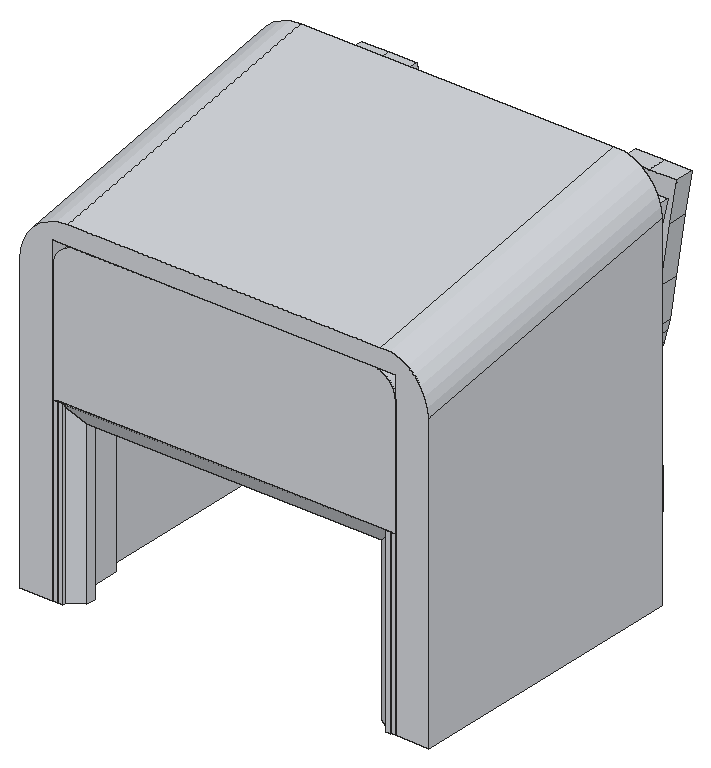
Revit family "Gira_001030", category Electrical Fixtures, Revit 2017
Family settings
  Maintain Annotation Orientation = No
  Round Connector Dimension = Use Diameter
  Part Type = Normal
  Work Plane-Based = No
  Always vertical = Yes
  Cut with Voids When Loaded = No
  Shared = No
  Room Calculation Point = No
Parameters (values of type "Adapter cab.entry 1-g channel 15 x 30 mm WP SM grey")
  URL = "https://www.gira.de/"
  Type Comments = ""
  Suitable for built-up box flush-mounted switching equipment = yes
  Model = "Duct slider"
  Manufacturer = "Gira"
  Keynote = ""
  HeinzeBIM = "https://www.heinze.de/bim/adapter-cab-entry-1-g-channel-15-x-30-mm-wp-sm-grey/5505c526ddad4b24e1f9415e03472ed149bc0a76"
  HAN = "001030"
  GTIN = "4010337010302"
  Description = "Adap.cab.entry 1g chan.15x30 WP SM GY Adapter for cable entry, 1-gang for duct 15 x 30 mm grey"
  Cost = 0
  Colour = "Grey"
  BIMSITE_PRODUCT_ID = "5505c526ddad4b24e1f9415e03472ed149bc0a76"
  BIM = "https://media.live.bim.site/t/eyJhbGciOiJIUzI1NiIsInR5cCI6IkpXVCJ9.eyJjdCI6MSwidGYiOiJwdWJsaWMvZ2lyYS8wOWY1ZGI1L0dpcmFfMDAxMDMwLnJmYSIsImNpZCI6ImZlZDk4ZTlhLTFiZDgtNGM2OC1hNzNiLTc0YTk0ZTMxNTgyMyIsInJpZCI6ImEwNDU4MmVlYzQ3M2RiODcyNzFmOTg2NzIyMGVjM2Y3IiwicGlkIjoiNTUwNWM1MjZkZGFkNGIyNGUxZjk0MTVlMDM0NzJlZDE0OWJjMGE3NiIsInNpZCI6IjYzNDcwIiwidXQiOjUsImxjIjoiZW4iLCJpYXQiOjE2MDc1MjM5NzIsImlzcyI6Imh0dHBzOi8vYXBpLmxpdmUuYmltLnNpdGUiLCJzdWIiOiI4ZDNhYTVjYi1lMDY2LTQ1OTgtYmUxNi02ZTE2ZWU3NDk1NmEifQ.uv8IZ2-Xs5heSjccD_fl0-Akv6bWITWF7wArSEgGt7k/Gira_001030.rfa"
  Assembly Code = ""
Reference planes
  plane 1 "Center (Front/Back)": y = 0
  plane 2: z = 0
  plane 3 "Center (Left/Right)": x = 0
Forms (mm)
  Extrusion 1, solid, detail levels fine
    sketch origin (0, 0, 0) x (0, 0, 1) y (-1, 0, 0)
      loop
        line (15, -11.5) -> (11, -10.866) -> (11, 10.866) -> (15, 11.5) -> (15, 14.501) -> (15, 17.369) -> (8.534, 16.345) -> (6.588, 16.037) -> (0.122, 15.013) -> (-1.011, 14.741) -> (-2.197, 14.456) -> (-3.324, 13.989) -> (-4.401, 13.543) -> (-5.44, 12.906) -> (-6.434, 12.297) -> (-7.362, 11.505) -> (-8.248, 10.748) -> (-9.04, 9.821) -> (-9.797, 8.934) -> (-10.434, 7.895) -> (-11.043, 6.901) -> (-11.51, 5.774) -> (-11.956, 4.697) -> (-12.241, 3.511) -> (-12.513, 2.378) -> (-12.609, 1.162) -> (-12.7, 0) -> (-12.604, -1.216) -> (-12.513, -2.378) -> (-12.228, -3.564) -> (-11.956, -4.697) -> (-11.489, -5.824) -> (-11.043, -6.901) -> (-10.406, -7.94) -> (-9.797, -8.934) -> (-9.005, -9.862) -> (-8.248, -10.748) -> (-7.321, -11.54) -> (-6.434, -12.297) -> (-5.395, -12.934) -> (-4.401, -13.543) -> (-3.274, -14.01) -> (-2.197, -14.456) -> (-1.011, -14.741) -> (0.122, -15.013) -> (4.433, -15.696) -> (10.689, -16.687) -> (15, -17.369) -> (15, -14.501) -> (15, -11.5)
      loop
        circle (0, 0) r 8.6
      loop
        line (9.5, 12.246) -> (8.121, 12.027) -> (1.133, 10.921) -> (0.015, 10.743)
        arc (0.015, 10.743) -> (-0.406, 10.213) -> (0.088, 9.75) r 0.5
        arc (0.088, 9.75) -> (5.013, 8.357) -> (8.555, 4.662) r 9.75
        arc (8.555, 4.662) -> (9.122, 4.416) -> (9.5, 4.905) r 0.503
        line (9.5, 4.905) -> (9.5, 12.246)
      loop
        line (9.5, -12.246) -> (9.5, -4.905)
        arc (9.5, -4.905) -> (9.122, -4.416) -> (8.555, -4.662) r 0.503
        arc (8.555, -4.662) -> (5.013, -8.357) -> (0.088, -9.75) r 9.75
        arc (0.088, -9.75) -> (-0.406, -10.213) -> (0.015, -10.743) r 0.5
        line (0.015, -10.743) -> (1.133, -10.921) -> (8.121, -12.027) -> (9.5, -12.246)
    from 0 to 2
  Extrusion 2, solid, detail levels fine
    sketch origin (0, 0, 0) x (0, 0, 1) y (-1, 0, 0)
      loop
        line (15, -13.874) -> (15, -11.5) -> (11, -10.866) -> (11, 10.866) -> (15, 11.5) -> (15, 14.126) -> (14.024, 14.126) -> (11.962, 14.126) -> (10.987, 14.126) -> (8.449, 13.724) -> (3.083, 12.874) -> (0.545, 12.472) -> (-0.75, 12.148) -> (-1.595, 11.936) -> (-2.813, 11.389) -> (-3.608, 11.032) -> (-4.71, 10.28) -> (-5.43, 9.789) -> (-6.383, 8.854) -> (-7.005, 8.244) -> (-7.779, 7.157) -> (-8.284, 6.447) -> (-8.855, 5.24) -> (-9.227, 4.453) -> (-9.577, 3.165) -> (-9.805, 2.324) -> (-9.923, 0.994) -> (-10, 0.126) -> (-9.882, -1.203) -> (-9.805, -2.071) -> (-9.456, -3.359) -> (-9.227, -4.2) -> (-8.657, -5.407) -> (-8.284, -6.195) -> (-7.51, -7.282) -> (-7.005, -7.992) -> (-6.052, -8.926) -> (-5.43, -9.536) -> (-4.328, -10.289) -> (-3.608, -10.78) -> (-2.39, -11.327) -> (-1.595, -11.684) -> (-0.301, -12.008) -> (0.545, -12.22) -> (4.669, -12.873) -> (10.987, -13.874) -> (13.415, -13.874) -> (15, -13.874)
      loop
        circle (0, 0) r 3
    from 2 to 6.595
  Extrusion 3, solid, detail levels fine
    sketch origin (0, 0, 0) x (0, 0, 1) y (0, -1, 0)
      loop
        line (11, 9.1) -> (-14.28, 9.1) -> (-14.28, 5.415) -> (12, 5.873) -> (15, 4.873) -> (15, 7.897) -> (11, 8.106) -> (11, 9.1)
    from 18.7 to -18.7
  Extrusion 4, solid, detail levels medium
    sketch origin (0, 0, 0) x (0, 0, 1) y (-1, 0, 0)
      loop
        line (-7.321, -11.54) -> (-6.434, -12.297) -> (-5.395, -12.934) -> (-4.401, -13.543) -> (-3.274, -14.01) -> (-2.197, -14.456) -> (-1.011, -14.741) -> (0.122, -15.013) -> (4.433, -15.696) -> (10.689, -16.687) -> (15, -17.369) -> (15, -14.501) -> (15, -11.5) -> (11, -10.866) -> (11, 10.866) -> (15, 11.5) -> (15, 14.501) -> (15, 17.369) -> (8.534, 16.345) -> (6.588, 16.037) -> (0.122, 15.013) -> (-1.011, 14.741) -> (-2.197, 14.456) -> (-3.324, 13.989) -> (-4.401, 13.543) -> (-5.44, 12.906) -> (-6.434, 12.297) -> (-7.362, 11.505) -> (-8.248, 10.748) -> (-9.04, 9.821) -> (-9.797, 8.934) -> (-10.434, 7.895) -> (-11.043, 6.901) -> (-11.51, 5.774) -> (-11.956, 4.697) -> (-12.241, 3.511) -> (-12.513, 2.378) -> (-12.609, 1.162) -> (-12.7, 0) -> (-12.604, -1.216) -> (-12.513, -2.378) -> (-12.228, -3.564) -> (-11.956, -4.697) -> (-11.489, -5.824) -> (-11.043, -6.901) -> (-10.406, -7.94) -> (-9.797, -8.934) -> (-9.005, -9.862) -> (-8.248, -10.748) -> (-7.321, -11.54)
    from 0 to 5.5
  Extrusion 5, solid, detail levels medium
    sketch origin (0, 0, 0) x (0, 0, 1) y (0, -1, 0)
      loop
        line (-14.28, 5.5) -> (15, 5.5) -> (15, 9.1) -> (-14.28, 9.1) -> (-14.28, 5.5)
    from -18.7 to 18.7
  SweptBlend 6, solid, detail levels fine
    path origin (0, 0, 0) x (0, 1, 0) y (0, 0, 1)
      loop
        line (-9.1, 0) -> (-39.735, 0)
    profile origin (0, -9.1, 0) x (0, 0, -1) y (1, 0, 0)
      loop
        spline (-15.918, 21.5) -> (-16.581, 21.457) -> (-17.233, 21.33) -> (-17.863, 21.119) -> (-18.459, 20.83) -> (-19.012, 20.467) -> (-19.511, 20.036) -> (-19.95, 19.544) -> (-20.319, 19) -> (-20.613, 18.413) -> (-20.827, 17.794) -> (-20.957, 17.153) -> (-21, 16.5)
        line (-21, 16.5) -> (-21, -16.5)
        spline (-21, -16.5) -> (-20.957, -17.153) -> (-20.827, -17.794) -> (-20.613, -18.413) -> (-20.319, -19) -> (-19.95, -19.544) -> (-19.511, -20.036) -> (-19.012, -20.467) -> (-18.459, -20.83) -> (-17.863, -21.119) -> (-17.233, -21.33) -> (-16.581, -21.457) -> (-15.918, -21.5)
        line (-15.918, -21.5) -> (20.5, -21.5) -> (20.5, 21.5) -> (-15.918, 21.5)
    end profile origin (0, -39.735, 0) x (0, 0, -1) y (1, 0, 0)
      loop
        line (-15.5, 16.5) -> (-15.5, -16.5)
        arc (-15.5, -16.5) -> (-14.036, -20.036) -> (-10.5, -21.5) r 5
        line (-10.5, -21.5) -> (20.5, -21.5) -> (20.5, 21.5) -> (-10.5, 21.5)
        arc (-10.5, 21.5) -> (-14.036, 20.036) -> (-15.5, 16.5) r 5
  Extrusion 7, void
    sketch origin (0, 0, 0) x (1, 0, 0) y (0, 1, 0)
      loop
        spline (-15, -11.157) -> (-15.392, -11.183) -> (-15.776, -11.259) -> (-16.148, -11.385) -> (-16.5, -11.558) -> (-16.826, -11.775) -> (-17.121, -12.033) -> (-17.38, -12.327) -> (-17.598, -12.653) -> (-17.772, -13.004) -> (-17.898, -13.374) -> (-17.974, -13.758) -> (-18, -14.148)
        line (-18, -14.148) -> (-18, -34.935) -> (-19.3, -34.935)
        arc (-19.3, -34.935) -> (-20.6, -36.235) -> (-19.3, -37.535) r 1.3
        line (-19.3, -37.535) -> (-18, -37.535) -> (-18, -39.735) -> (18, -39.735) -> (18, -37.535) -> (19.3, -37.535)
        arc (19.3, -37.535) -> (20.6, -36.235) -> (19.3, -34.935) r 1.3
        line (19.3, -34.935) -> (18, -34.935) -> (18, -14.148)
        spline (18, -14.148) -> (17.974, -13.758) -> (17.898, -13.374) -> (17.772, -13.004) -> (17.598, -12.653) -> (17.38, -12.327) -> (17.121, -12.033) -> (16.826, -11.775) -> (16.5, -11.558) -> (16.148, -11.385) -> (15.776, -11.259) -> (15.392, -11.183) -> (15, -11.157)
        line (15, -11.157) -> (-15, -11.157)
    from -29.176 to 13.5
  Extrusion 8, solid, detail levels fine
    sketch origin (0, 0, 0) x (1, 0, 0) y (0, 1, 0)
      loop
        line (-18, -31.163) -> (-18, -32.663) -> (18, -32.663) -> (18, -31.163) -> (-18, -31.163)
    from 9.5 to 13.5
  Extrusion 9, void
    sketch origin (0, 0, 0) x (1, 0, 0) y (0, 0, 1)
      loop
        circle (0, 0) r 3
    from -3.329 to 16.735
  Extrusion 10, void
    sketch origin (0, 0, 0) x (1, 0, 0) y (0, 0, 1)
      loop
        circle (0, 0) r 3
    from 9.1 to 12.197
  SweptBlend 11, solid, detail levels medium
    path origin (0, 0, 0) x (0, 1, 0) y (0, 0, 1)
      loop
        line (-9.1, 0) -> (-39.735, 0)
    profile origin (0, -9.1, 0) x (0, 0, -1) y (1, 0, 0)
      loop
        line (-21, -21.5) -> (20.5, -21.5) -> (20.5, 21.5) -> (-21, 21.5) -> (-21, -21.5)
    end profile origin (0, -39.735, 0) x (0, 0, -1) y (1, 0, 0)
      loop
        line (-15.5, -21.5) -> (20.5, -21.5) -> (20.5, 21.5) -> (-15.5, 21.5) -> (-15.5, -21.5)
  Extrusion 12, solid, detail levels coarse
    sketch origin (0, 0, 0) x (1, 0, 0) y (0, 1, 0)
      loop
        line (-21.5, 0) -> (-21.5, -39.735) -> (21.5, -39.735) -> (21.5, 0) -> (-21.5, 0)
    from -20.5 to 21
  Extrusion 13, void
    sketch origin (0, 0, 0) x (1, 0, 0) y (0, 0, 1)
      loop
        line (18.7, -20.5) -> (18.7, 13.5) -> (-18.7, 13.5) -> (-18.7, -20.5) -> (18.7, -20.5)
    from 11.157 to 42.053
Cuts and joins
  Extrusion 9, Extrusion 10 cuts Extrusion 3
  Extrusion 7, Extrusion 10 cuts SweptBlend 6
  joined: Extrusion 3, SweptBlend 6
  Extrusion 10 cuts Extrusion 2
  joined: Extrusion 1, Extrusion 2
  Extrusion 10 cuts Extrusion 4
  Extrusion 10 cuts Extrusion 5
  Extrusion 13 cuts SweptBlend 11
  joined: Extrusion 4, Extrusion 5, SweptBlend 11
Lines and regions (mm)
  reference lines
    curve 1: line (-20.6, -36.235, 0) -> (20.6, -36.235, 0)
Dimensions and locks
  aligned and locked: plane 2 to level
  aligned and locked: plane 3 "Center (Left/Right)" to nested 1
  aligned and locked: curve 1 to nested 1
  aligned and locked: Extrusion 12 to nested 1
Nested families
  nested 1: "00_001258_05" at (0, -32.735, -930.449), type "00_001258_05"
Definition of nested family "00_001258_05"
  Reference planes
    plane 1 "Center (Front/Back)": y = 0
    plane 2: z = 909.949
    plane 3 "Center (Left/Right)": x = 0
  Forms (mm)
    Extrusion 1, solid, detail levels fine
      sketch origin (0, 0, 0) x (1, 0, 0) y (0, 0, 1)
        loop
          arc (-15.5, 943.949) -> (-17.268, 943.217) -> (-18, 941.449) r 2.5
          line (-18, 941.449) -> (-18, 928.949) -> (-16, 928.949) -> (-16, 941.449)
          arc (-16, 941.449) -> (-15.854, 941.803) -> (-15.5, 941.949) r 0.5
          line (-15.5, 941.949) -> (15.5, 941.949)
          arc (15.5, 941.949) -> (15.854, 941.803) -> (16, 941.449) r 0.5
          line (16, 941.449) -> (16, 928.949) -> (18, 928.949) -> (18, 941.449)
          arc (18, 941.449) -> (17.268, 943.217) -> (15.5, 943.949) r 2.5
          line (15.5, 943.949) -> (-15.5, 943.949)
      from 0 to 7
    Extrusion 2, solid, detail levels fine
      sketch origin (0, 0, 0) x (1, 0, 0) y (0, 0, 1)
        loop
          line (-16, 928.949) -> (16, 928.949) -> (16, 941.449)
          arc (16, 941.449) -> (15.854, 941.803) -> (15.5, 941.949) r 0.5
          line (15.5, 941.949) -> (-15.5, 941.949)
          arc (-15.5, 941.949) -> (-15.854, 941.803) -> (-16, 941.449) r 0.5
          line (-16, 941.449) -> (-16, 928.949)
      from 5 to 7
    Extrusion 3, solid, detail levels fine
      sketch origin (0, 0, 909.949) x (1, 0, 0) y (0, 1, 0)
        loop
          line (-18, 0) -> (-18, -7) -> (-17, -7) -> (-17, 0) -> (-18, 0)
        loop
          line (18, 0) -> (17, 0) -> (17, -7) -> (18, -7) -> (18, 0)
      from 0 to 19
    Extrusion 4, solid, detail levels medium+fine
      sketch origin (0, 0, 909.949) x (1, 0, 0) y (0, 1, 0)
        loop
          line (-19.2, -4.7) -> (-18, -4.7) -> (-18, -2.3) -> (-19.2, -2.3)
          arc (-19.2, -2.3) -> (-20.4, -3.5) -> (-19.2, -4.7) r 1.2
        loop
          arc (19.2, -4.7) -> (20.4, -3.5) -> (19.2, -2.3) r 1.2
          line (19.2, -2.3) -> (18, -2.3) -> (18, -4.7) -> (19.2, -4.7)
      from 0 to 30
    Sweep 5, solid, detail levels fine
      path origin (0, 0, 0) x (1, 0, 0) y (0, 0, 1)
        loop
          line (-15.5, 909.949) -> (-15.5, 926.949) -> (15.5, 926.949) -> (15.5, 909.949)
      profile origin (-15.5, 0, 918.449) x (-1, 0, 0) y (0, -1, 0)
        loop
          line (0, 5.7) -> (0, 4.7) -> (2, 6) -> (2, 7) -> (0, 5.7)
    Extrusion 6, solid, detail levels medium
      sketch origin (0, 0, 0) x (1, 0, 0) y (0, 0, 1)
        loop
          arc (-15.5, 943.949) -> (-17.268, 943.217) -> (-18, 941.449) r 2.5
          line (-18, 941.449) -> (-18, 909.949) -> (18, 909.949) -> (18, 941.449)
          arc (18, 941.449) -> (17.268, 943.217) -> (15.5, 943.949) r 2.5
          line (15.5, 943.949) -> (-15.5, 943.949)
      from 0 to 7
    Extrusion 7, solid, detail levels coarse
      sketch origin (0, 0, 0) x (1, 0, 0) y (0, 0, 1)
        loop
          line (-20.4, 909.949) -> (20.4, 909.949) -> (20.4, 943.949) -> (-20.4, 943.949) -> (-20.4, 909.949)
      from 0 to 7
  Cuts and joins
    joined: Extrusion 1, Extrusion 2
  Lines and regions (mm)
    reference lines
      curve 1: line (-20.4, -3.5, 909.949) -> (20.4, -3.5, 909.949)
  Dimensions and locks
    aligned and locked: level to plane 2
